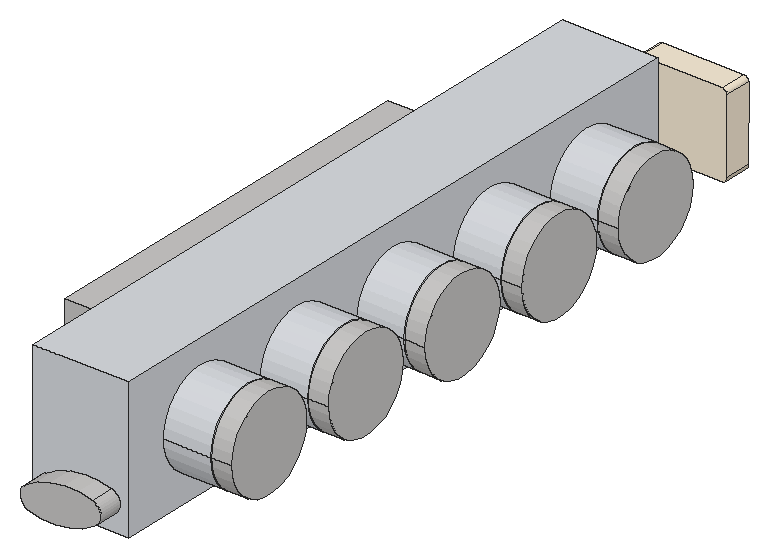
Revit family "HVAC_Ductwork_Airzone_Motorized-Plenum_Hitachi_Standard_5-Dampers", category Mechanical Equipment, Revit 2016
Family settings
  Part Type = Normal
  Round Connector Dimension = Use Diameter
  OmniClass Number = 23.75.70.14
  OmniClass Title = Air Ductwork
  Work Plane-Based = No
  Always vertical = Yes
  Cut with Voids When Loaded = No
  Shared = No
  Room Calculation Point = No
Parameters (values of type "HITST01S5")
  Voltage = 230 V
  URL = "www.airzone.es"
  Type Image Comments = "Image available in product documentation download"  # constant formula
  Revit Model Version = "1.0"  # constant formula
  Revit Model Author URL = "www.a3d.es"
  Revit Model Author = "A3D Consulting"  # constant formula
  Product Documentation Download URL = "http://doc.airzone.es/BIM/Easyzone/Hitachi-Airzone_motorized_plenum.zip"
  Product Comments = "Refer to technical documentation for further details"  # constant formula
  Power Factor = 1
  Neck Width = 871.600 mm
  Neck Length = 95.000 mm
  Neck Height = 102.600 mm
  Material = Metal - AIRZONE - Galvanized Sheet - Semi-polished
  Main Control Board Material = Plastic - AIRZONE - Smooth - Off-white
  Load Classification = Other
  Insulated Body Width = 205.000 mm  # constant formula
  Insulated Body Material = Metal -AIRZONE - Insulating Lining -Aluminum Finish
  Insulated Body Length = 1425.000 mm  # constant formula
  Insulated Body Height = 300.000 mm  # constant formula
  Flow [instance] = Damper 5 Air Flow + Damper 4 Air Flow + Damper 3 Air Flow + Damper 2 Air Flow + Damper 1 Air Flow - Fresh Air Inlet 2 Flow - Fresh Air Inlet 1 Flow  # 1500 m³/h
  Fresh Air Inlet 1 Flow [instance] = 0 m³/h
  Fresh Air Inlet 2 Flow [instance] = 0 m³/h
  Fresh Air Inlet Connection Width = 175.000 mm
  Fresh Air Inlet Connection Height = 75.000 mm
  Model = "HITST01S5"
  Neck Side Offset = 350.700 mm
  Neck Bottom Offset = 163.200 mm
  Type Image = <None>
  Manufacturer = "AIRZONE"  # constant formula
  Main Control Board Depth = 57.000 mm  # constant formula
  Main Control Board Width = 195.000 mm  # constant formula
  Main Control Board Height = 180.000 mm  # constant formula
  Fixing = ""
  Disclaimer = "All information provided in this model is reviewed before being published. However, Airzone cannot guarantee this model is error-free, therefore users are strongly encouraged to check for technical documentation and updates"  # constant formula
  Description = "Airzone standard motorized plenum with neck that mechanically adapts to the main ducted AC units of Hitachi."
  Type Comments = ""
  Dampers Length = 149.000 mm  # constant formula
  Dampers Diameter = 200.000 mm  # constant formula
  Damper 5 Air Flow [instance] = 300 m³/h
  Damper 4 Air Flow [instance] = 300 m³/h
  Damper 1 Air Flow [instance] = 300 m³/h
  Damper 2 Air Flow [instance] = 300 m³/h
  Damper 3 Air Flow [instance] = 300 m³/h
  Fresh Air Inlet Connection Offset Height = 48.305 mm  # constant formula
  Compatible Accesories = ""
  Apparent Load = 57.5 VA
Types (5, lengths in mm): name | Neck Width | Neck Height | Model | Neck Side Offset | Neck Bottom Offset
  HITST04S5 | 723.600 | 178.600 | "HITST04S5" | 350.700 | 88.200
  HITST03M5 | 808.000 | 222.400 | "HITST03M5" | 308.500 | 38.800
  HITST01L5 | 1262.200 | 179.400 | "HITST01L5" | 126.400 | 78.300
  HITST01M5 | 872.600 | 179.600 | "HITST01M5" | 349.700 | 78.200
  HITST01S5 | 871.600 | 102.600 | "HITST01S5" | 350.700 | 163.200
Reference planes
  plane 1 "Center (Front/Back)": y = 0
  plane 2 "Center (Elevation)": z = 0
  plane 3 "Center (Left/Right)": x = 0
  plane 4 "Neck Back": y = 435.8
  plane 5 "Neck Front": y = -435.8
  plane 6 "Neck Top": z = 51.3
  plane 7 "Neck Bottom": z = -51.3
  plane 8 "Left": x = 95
  plane 9 "Bottom": z = -214.5
  plane 10 "Top": z = 85.5
  plane 11 "Front": y = -638.5
  plane 12 "Back": y = 786.5
  plane 13 "Right": x = 300
  plane 14 "Dampers Front": x = 449
  plane 15 "Dampers Center (Elevation)": z = -64.5
  plane 16 "Damper3": y = 74
  plane 17 "Damper2": y = 334
  plane 18 "Damper1": y = 594
  plane 19 "Middle": y = 74
  plane 20 "FreshAir Center (Elevation)": z = -166.195
  plane 21 "FreshAir1": y = 839
  plane 22 "FreshAir2": y = -691
  plane 23 "Dampers Lining": x = 404
  plane 24 "FreshAir Vertical Axis": x = 195.83
  plane 25 "ConnectionBox Side": x = 254
  plane 26 "Main Control Board Center (Left/Right)": x = 351.5
  plane 27 "Damper4": y = -186
  plane 28 "Damper5": y = -446
Forms (mm)
  Extrusion 1, solid, material "Metal - AIRZONE - Galvanized Sheet - Semi-polished" <- "Material"
    sketch origin (0, 0, 0) x (0, 1, 0) y (0, 0, 1)
      loop
        line (-435.8, 51.3) -> (-435.8, -51.3) -> (435.8, -51.3) -> (435.8, 51.3) -> (-435.8, 51.3)
    from 0 to 95
  Extrusion 2, solid, material "Metal -AIRZONE - Insulating Lining -Aluminum Finish" <- "Insulated Body Material"
    sketch origin (95, 0, 0) x (0, 1, 0) y (0, 0, 1)
      loop
        line (-638.5, 85.5) -> (-638.5, -214.5) -> (786.5, -214.5) -> (786.5, 85.5) -> (-638.5, 85.5)
    from 0 to 205
  Extrusion 3, solid, material "Metal - AIRZONE - Galvanized Sheet - Semi-polished" <- "Material"
    sketch origin (300, 0, 0) x (0, 1, 0) y (0, 0, 1)
      loop
        circle (74, -64.5) r 100
    from 104 to 149
  Extrusion 4, solid, material "Metal - AIRZONE - Galvanized Sheet - Semi-polished" <- "Material"
    sketch origin (300, 0, 0) x (0, 1, 0) y (0, 0, 1)
      loop
        circle (334, -64.5) r 100
    from 104 to 149
  Extrusion 5, solid, material "Metal - AIRZONE - Galvanized Sheet - Semi-polished" <- "Material"
    sketch origin (300, 0, 0) x (0, 1, 0) y (0, 0, 1)
      loop
        circle (594, -64.5) r 100
    from 104 to 149
  Extrusion 6, solid, material "Metal - AIRZONE - Galvanized Sheet - Semi-polished" <- "Material"
    sketch origin (0, -638.5, 0) x (0, 0, 1) y (1, 0, 0)
      loop
        arc (-133.641, 265.204) -> (-155.108, 282.105) -> (-179.812, 270.434) r 25.96
        arc (-179.812, 270.434) -> (-205.802, 200.598) -> (-198.349, 126.456) r 164.67
        arc (-198.349, 126.456) -> (-177.165, 109.589) -> (-152.494, 120.751) r 25.96
        arc (-152.494, 120.751) -> (-126.225, 190.78) -> (-133.641, 265.204) r 164.67
    from 0 to -52.5
  Extrusion 7, solid, material "Metal - AIRZONE - Galvanized Sheet - Semi-polished" <- "Material"
    sketch origin (0, 786.5, 0) x (0, 0, 1) y (1, 0, 0)
      loop
        arc (-133.641, 265.204) -> (-154.825, 282.071) -> (-179.496, 270.909) r 25.96
        arc (-179.496, 270.909) -> (-205.679, 201.53) -> (-198.767, 127.699) r 164.67
        arc (-198.767, 127.699) -> (-177.532, 109.637) -> (-152.178, 121.226) r 25.96
        arc (-152.178, 121.226) -> (-126.188, 191.062) -> (-133.641, 265.204) r 164.67
    from 0 to 52.5
  Extrusion 8, solid, material "Metal -AIRZONE - Insulating Lining -Aluminum Finish" <- "Insulated Body Material"
    sketch origin (300, 0, 0) x (0, 1, 0) y (0, 0, 1)
      loop
        circle (594, -64.5) r 100
    from 0 to 104
  Extrusion 9, solid, material "Metal -AIRZONE - Insulating Lining -Aluminum Finish" <- "Insulated Body Material"
    sketch origin (300, -260, 0) x (0, 1, 0) y (0, 0, 1)
      loop
        circle (594, -64.5) r 100
    from 0 to 104
  Extrusion 10, solid, material "Metal -AIRZONE - Insulating Lining -Aluminum Finish" <- "Insulated Body Material"
    sketch origin (300, -520, 0) x (0, 1, 0) y (0, 0, 1)
      loop
        circle (594, -64.5) r 100
    from 0 to 104
  Extrusion 11, solid, material "Metal - AIRZONE - Galvanized Sheet - Semi-polished" <- "Material"
    sketch origin (300, -190, 0) x (0, 1, 0) y (0, 0, 1)
      loop
        circle (4, -64.5) r 100
    from 104 to 149
  Extrusion 12, solid, material "Metal -AIRZONE - Insulating Lining -Aluminum Finish" <- "Insulated Body Material"
    sketch origin (300, -710, 0) x (0, 1, 0) y (0, 0, 1)
      loop
        circle (524, -64.5) r 100
    from 0 to 104
  Extrusion 13, solid, material "Metal -AIRZONE - Insulating Lining -Aluminum Finish" <- "Insulated Body Material"
    sketch origin (300, -970, 0) x (0, 1, 0) y (0, 0, 1)
      loop
        circle (524, -64.5) r 100
    from 0 to 104
  Extrusion 14, solid, material "Metal - AIRZONE - Galvanized Sheet - Semi-polished" <- "Material"
    sketch origin (300, -450, 0) x (0, 1, 0) y (0, 0, 1)
      loop
        circle (4, -64.5) r 100
    from 104 to 149
Lines and regions (mm)
  Masking region 1
    outline origin (0, 0, 0) x (1, 0, 0) y (0, 1, 0)
      loop
        line (95, 786.5) -> (95, -638.5) -> (300, -638.5) -> (300, 786.5) -> (95, 786.5)
  Masking region 2, detail levels medium+fine
    outline origin (0, 0, 0) x (1, 0, 0) y (0, 1, 0)
      loop
        line (0, 435.8) -> (0, -435.8) -> (95, -435.8) -> (95, 435.8) -> (0, 435.8)
  Masking region 3, detail levels medium+fine
    outline origin (0, 0, 0) x (1, 0, 0) y (0, 1, 0)
      loop
        line (300, 174) -> (300, -26) -> (449, -26) -> (449, 174) -> (300, 174)
  Masking region 4, detail levels medium+fine
    outline origin (0, 260, 0) x (1, 0, 0) y (0, 1, 0)
      loop
        line (300, 174) -> (300, -26) -> (449, -26) -> (449, 174) -> (300, 174)
  Masking region 5, detail levels medium+fine
    outline origin (0, 520, 0) x (1, 0, 0) y (0, 1, 0)
      loop
        line (300, 174) -> (300, -26) -> (449, -26) -> (449, 174) -> (300, 174)
  Masking region 6, detail levels medium+fine
    outline origin (0, 0, -166.195) x (1, 0, 0) y (0, 1, 0)
      loop
        line (108.33, 839) -> (108.33, 786.5) -> (283.33, 786.5) -> (283.33, 839) -> (108.33, 839)
  Masking region 7, detail levels medium+fine
    outline origin (0, 0, -166.195) x (1, 0, 0) y (0, 1, 0)
      loop
        line (108.33, -638.5) -> (108.33, -691) -> (283.33, -691) -> (283.33, -638.5) -> (108.33, -638.5)
  Masking region 8, detail levels medium+fine
    outline origin (0, 0, 85.5) x (0, -1, 0) y (1, 0, 0)
      loop
        line (-843.5, 254) -> (-786.5, 254) -> (-786.5, 449) -> (-843.5, 449) -> (-843.5, 254)
  Masking region 9, detail levels medium+fine
    outline origin (0, -190, 0) x (1, 0, 0) y (0, 1, 0)
      loop
        line (300, 104) -> (300, -96) -> (449, -96) -> (449, 104) -> (300, 104)
  Masking region 10, detail levels medium+fine
    outline origin (0, -450, 0) x (1, 0, 0) y (0, 1, 0)
      loop
        line (300, 104) -> (300, -96) -> (449, -96) -> (449, 104) -> (300, 104)
  symbolic lines, detail levels coarse
    curve 1: line (95, -638.5, 0) -> (300, 74, 0)
    curve 2: line (300, 74, 0) -> (95, 786.5, 0)
Dimensions and locks
  equal spacing: plane 4 "Neck Back", plane 1 "Center (Front/Back)", plane 5 "Neck Front"
  "Neck Width": plane 4 "Neck Back" to plane 5 "Neck Front"
  equal spacing: plane 6 "Neck Top", level, plane 7 "Neck Bottom"
  "Neck Height": plane 6 "Neck Top" to plane 7 "Neck Bottom"
  "Neck Length": plane 3 "Center (Left/Right)" to plane 8 "Left"
  "Neck Bottom Offset": plane 7 "Neck Bottom" to plane 9 "Bottom"
  "Insulated Body Height": plane 10 "Top" to plane 9 "Bottom"
  "Insulated Body Length": plane 12 "Back" to plane 11 "Front"
  "Insulated Body Width": plane 8 "Left" to plane 13 "Right"
  "Dampers Length": plane 13 "Right" to plane 14 "Dampers Front"
  equal spacing: plane 10 "Top", plane 15 "Dampers Center (Elevation)", plane 9 "Bottom"
  equal spacing: plane 12 "Back", plane 19 "Middle", plane 11 "Front"
  plane 8 "Left" to plane 13 "Right" = 205.000 mm
  "Fresh Air Inlet Connection Offset Height": plane 20 "FreshAir Center (Elevation)" to plane 9 "Bottom"
  locked: Extrusion 6 sketch curve to plane 9 "Bottom" at 56.47
  locked: plane 13 "Right" to Extrusion 6 sketch curve at 43.69
  locked: plane 13 "Right" to Extrusion 6 sketch curve at 164.65
  locked: Extrusion 6 sketch curve to plane 9 "Bottom" at 40.54
  locked: plane 13 "Right" to Extrusion 6 sketch curve at 87.91
  locked: plane 9 "Bottom" to Extrusion 6 sketch curve at 75.01
  locked: plane 13 "Right" to Extrusion 6 sketch curve at 120.43
  locked: Extrusion 6 sketch curve to plane 9 "Bottom" at 172.02
  locked: plane 13 "Right" to Extrusion 7 sketch curve at 43.69
  locked: Extrusion 7 sketch curve to plane 9 "Bottom" at 56.47
  locked: Extrusion 7 sketch curve to plane 9 "Bottom" at 40.54
  locked: plane 13 "Right" to Extrusion 7 sketch curve at 164.65
  locked: plane 13 "Right" to Extrusion 7 sketch curve at 120.43
  locked: Extrusion 7 sketch curve to plane 9 "Bottom" at 172.02
  locked: plane 9 "Bottom" to Extrusion 7 sketch curve at 75.01
  locked: plane 13 "Right" to Extrusion 7 sketch curve at 87.91
  "Neck Side Offset": plane 12 "Back" to plane 4 "Neck Back"
  locked: plane 21 "FreshAir1" to plane 12 "Back" at 52.5
  plane 11 "Front" to plane 22 "FreshAir2" = 52.500 mm
  locked: connector elem to plane 13 "Right" at 104.17
  locked: plane 20 "FreshAir Center (Elevation)" to connector elem
  locked: plane 13 "Right" to connector elem at 104.17
  locked: connector elem to plane 20 "FreshAir Center (Elevation)"
  locked: plane 23 "Dampers Lining" to plane 14 "Dampers Front" at 45
  locked: plane 24 "FreshAir Vertical Axis" to plane 13 "Right" at 104.17
  equal spacing: Masking region 3 sketch curve, plane 16 "Damper3", Masking region 3 sketch curve
  "Dampers Diameter": Masking region 3 sketch curve to Masking region 3 sketch curve
  "Dampers Diameter": Masking region 4 sketch curve to Masking region 4 sketch curve
  equal spacing: Masking region 5 sketch curve, plane 18 "Damper1", Masking region 5 sketch curve
  "Dampers Diameter": Masking region 5 sketch curve to Masking region 5 sketch curve
  equal spacing: Masking region 6 sketch curve, plane 24 "FreshAir Vertical Axis", Masking region 6 sketch curve
  "Fresh Air Inlet Connection Width": Masking region 6 sketch curve to Masking region 6 sketch curve
  equal spacing: Masking region 7 sketch curve, plane 24 "FreshAir Vertical Axis", Masking region 7 sketch curve
  "Fresh Air Inlet Connection Width": Masking region 7 sketch curve to Masking region 7 sketch curve
  "Main Control Board Depth": Masking region 8 sketch curve to plane 12 "Back"
  "Main Control Board Width": plane 25 "ConnectionBox Side" to plane 14 "Dampers Front"
  equal spacing: plane 25 "ConnectionBox Side", plane 26 "Main Control Board Center (Left/Right)", plane 14 "Dampers Front"
  locked: nested 1 to plane 10 "Top" at 10
  equal spacing: Masking region 4 sketch curve, plane 17 "Damper2", Masking region 4 sketch curve
  equal spacing: Masking region 9 sketch curve, plane 27 "Damper4", Masking region 9 sketch curve
  "Dampers Diameter": Masking region 9 sketch curve to Masking region 9 sketch curve
  plane 18 "Damper1" to plane 17 "Damper2" to plane 16 "Damper3" to plane 27 "Damper4" to plane 28 "Damper5" = 260.000 mm locked, 260.000 mm locked, 260.000 mm locked, 260.000 mm locked
  locked: plane 19 "Middle" to plane 16 "Damper3"
  equal spacing: Masking region 10 sketch curve, plane 28 "Damper5", Masking region 10 sketch curve
  "Dampers Diameter": Masking region 10 sketch curve to Masking region 10 sketch curve
  "Dampers Diameter": diameter of Extrusion 3 sketch curve
  "Dampers Diameter": diameter of Extrusion 4 sketch curve
  "Dampers Diameter": diameter of Extrusion 5 sketch curve
  radius of Extrusion 7 sketch curve = 164.670 mm  (x2)
  radius of Extrusion 7 sketch curve = 25.960 mm  (x2)
  radius of Extrusion 6 sketch curve = 164.670 mm  (x2)
  radius of Extrusion 6 sketch curve = 25.960 mm  (x2)
  "Dampers Diameter": diameter of Extrusion 8 sketch curve
  "Dampers Diameter": diameter of Extrusion 9 sketch curve
  "Dampers Diameter": diameter of Extrusion 10 sketch curve
  "Dampers Diameter": diameter of Extrusion 11 sketch curve
  "Dampers Diameter": diameter of Extrusion 12 sketch curve
  "Dampers Diameter": diameter of Extrusion 13 sketch curve
  "Dampers Diameter": diameter of Extrusion 14 sketch curve
  aligned and locked: level to plane 2 "Center (Elevation)"
  aligned and locked: plane 5 "Neck Front" to Extrusion 1 sketch curve
  aligned and locked: Extrusion 1 sketch curve to plane 6 "Neck Top"
  aligned and locked: Extrusion 1 sketch curve to plane 4 "Neck Back"
  aligned and locked: plane 7 "Neck Bottom" to Extrusion 1 sketch curve
  aligned and locked: Extrusion 1 to plane 3 "Center (Left/Right)"
  aligned and locked: Extrusion 2 sketch curve to plane 10 "Top"
  aligned and locked: Extrusion 2 sketch curve to plane 12 "Back"
  aligned and locked: plane 9 "Bottom" to Extrusion 2 sketch curve
  aligned and locked: plane 11 "Front" to Extrusion 2 sketch curve
  aligned and locked: plane 13 "Right" to Extrusion 2
  aligned and locked: Extrusion 2 to plane 8 "Left"
  aligned and locked: plane 16 "Damper3" to Extrusion 3 sketch curve
  aligned and locked: plane 15 "Dampers Center (Elevation)" to Extrusion 3 sketch curve
  aligned and locked: plane 15 "Dampers Center (Elevation)" to Extrusion 4 sketch curve
  aligned and locked: plane 18 "Damper1" to Extrusion 5 sketch curve
  aligned and locked: plane 15 "Dampers Center (Elevation)" to Extrusion 5 sketch curve
  aligned and locked: plane 14 "Dampers Front" to Extrusion 5
  aligned and locked: plane 14 "Dampers Front" to Extrusion 4
  aligned and locked: plane 14 "Dampers Front" to Extrusion 3
  aligned and locked: plane 8 "Left" to Extrusion 1
  aligned and locked: plane 22 "FreshAir2" to Extrusion 6
  aligned and locked: plane 21 "FreshAir1" to Extrusion 7
  aligned and locked: Extrusion 7 to plane 12 "Back"
  aligned and locked: plane 11 "Front" to Extrusion 6
  aligned and locked: Extrusion 5 to plane 23 "Dampers Lining"
  aligned and locked: Extrusion 5 to Extrusion 4
  aligned and locked: Extrusion 4 to Extrusion 3
  aligned and locked: plane 23 "Dampers Lining" to Extrusion 8
  aligned and locked: Extrusion 10 to plane 13 "Right"
  aligned and locked: plane 23 "Dampers Lining" to Extrusion 10
  aligned and locked: Extrusion 9 to plane 13 "Right"
  aligned and locked: plane 23 "Dampers Lining" to Extrusion 9
  aligned and locked: Extrusion 8 to plane 13 "Right"
  aligned and locked: Extrusion 9 to Extrusion 8
  aligned and locked: plane 18 "Damper1" to Extrusion 8 sketch curve
  aligned and locked: plane 15 "Dampers Center (Elevation)" to Extrusion 8 sketch curve
  aligned and locked: plane 15 "Dampers Center (Elevation)" to Extrusion 9 sketch curve
  aligned and locked: plane 16 "Damper3" to Extrusion 10 sketch curve
  aligned and locked: plane 15 "Dampers Center (Elevation)" to Extrusion 10 sketch curve
  aligned and locked: Masking region 1 sketch curve to plane 12 "Back"
  aligned and locked: plane 8 "Left" to Masking region 1 sketch curve
  aligned and locked: Masking region 1 sketch curve to plane 13 "Right"
  aligned and locked: plane 11 "Front" to Masking region 1 sketch curve
  aligned and locked: plane 5 "Neck Front" to Masking region 2 sketch curve
  aligned and locked: plane 3 "Center (Left/Right)" to Masking region 2 sketch curve
  aligned and locked: Masking region 2 sketch curve to plane 4 "Neck Back"
  aligned and locked: Masking region 2 sketch curve to plane 8 "Left"
  aligned and locked: plane 13 "Right" to Masking region 3 sketch curve
  aligned and locked: Masking region 3 sketch curve to plane 14 "Dampers Front"
  aligned and locked: plane 13 "Right" to Masking region 4 sketch curve
  aligned and locked: Masking region 4 sketch curve to plane 14 "Dampers Front"
  aligned and locked: plane 13 "Right" to Masking region 5 sketch curve
  aligned and locked: Masking region 5 sketch curve to plane 14 "Dampers Front"
  aligned and locked: plane 12 "Back" to Masking region 6 sketch curve
  aligned and locked: Masking region 6 sketch curve to plane 21 "FreshAir1"
  aligned and locked: Masking region 7 sketch curve to plane 11 "Front"
  aligned and locked: Masking region 7 sketch curve to plane 22 "FreshAir2"
  aligned and locked: plane 12 "Back" to Masking region 8 sketch curve
  aligned and locked: Masking region 8 sketch curve to plane 14 "Dampers Front"
  aligned and locked: plane 25 "ConnectionBox Side" to Masking region 8 sketch curve
  aligned and locked: plane 17 "Damper2" to Extrusion 9 sketch curve
  aligned and locked: plane 17 "Damper2" to Extrusion 4 sketch curve
  aligned and locked: Masking region 9 sketch curve to plane 14 "Dampers Front"
  aligned and locked: plane 13 "Right" to Masking region 9 sketch curve
  aligned and locked: Extrusion 12 to plane 13 "Right"
  aligned and locked: plane 23 "Dampers Lining" to Extrusion 12
  aligned and locked: Extrusion 11 to plane 23 "Dampers Lining"
  aligned and locked: plane 14 "Dampers Front" to Extrusion 11
  aligned and locked: plane 15 "Dampers Center (Elevation)" to Extrusion 12 sketch curve
  aligned and locked: plane 27 "Damper4" to Extrusion 12 sketch curve
  aligned and locked: plane 15 "Dampers Center (Elevation)" to Extrusion 11 sketch curve
  aligned and locked: plane 27 "Damper4" to Extrusion 11 sketch curve
  aligned and locked: Masking region 10 sketch curve to plane 14 "Dampers Front"
  aligned and locked: plane 13 "Right" to Masking region 10 sketch curve
  aligned and locked: plane 28 "Damper5" to Extrusion 13 sketch curve
  aligned and locked: plane 15 "Dampers Center (Elevation)" to Extrusion 13 sketch curve
  aligned and locked: Extrusion 14 to plane 23 "Dampers Lining"
  aligned and locked: plane 14 "Dampers Front" to Extrusion 14
  aligned and locked: plane 15 "Dampers Center (Elevation)" to Extrusion 14 sketch curve
  aligned and locked: plane 28 "Damper5" to Extrusion 14 sketch curve
  aligned and locked: nested 1 to plane 26 "Main Control Board Center (Left/Right)"
Automatic sketch dimensions
  curve 2 to plane 8 "Left" = 0.000 mm
  curve 1 to plane 8 "Left" = 0.000 mm
  curve 2 to plane 13 "Right" = 0.000 mm
  curve 1 to plane 11 "Front" = 0.000 mm
  curve 2 to plane 16 "Damper3" = 0.000 mm
  curve 2 to plane 12 "Back" = 0.000 mm
Nested families
  nested 1: "Airzone_Main-Control-Board" at (351.5, 786.5, -14.5) x (-1, 0, 0) z (0, 1, 0), Extrusion <- "Main Control Board Depth", Height <- "Main Control Board Height", Width <- "Main Control Board Width", Material <- "Main Control Board Material", type "Standard"
    with Width 195.000 mm, Material Plastic - AIRZONE - Smooth - Off-white, Height 180.000 mm, Extrusion 57.000 mm
Connectors
  hvac at (449, 74, -64.5), driven by "Damper 3 Air Flow", driven by "Dampers Diameter"
    settings: on Extrusion 3, index 1, duct flow 300 m³/h, flow factor 0, pres drop 0.0 Pa, loss coef 0, conn angle 0.00°, conn width 304.8 mm, conn height 304.8 mm, conn diameter 200 mm, duct sys type 1, conn prof type 0, flow config 0, flow direction 2, loss method 0, conn ref index -1, conn util no, is conn primary no, conn desc "Supply Air Out 3"
  hvac at (449, 334, -64.5), driven by "Damper 2 Air Flow", driven by "Dampers Diameter"
    settings: on Extrusion 4, index 2, duct flow 300 m³/h, flow factor 0, pres drop 0.0 Pa, loss coef 0, conn angle 0.00°, conn width 304.8 mm, conn height 304.8 mm, conn diameter 200 mm, duct sys type 1, conn prof type 0, flow config 0, flow direction 2, loss method 0, conn ref index -1, conn util no, is conn primary no, conn desc "Supply Air Out 2"
  hvac at (449, 594, -64.5), driven by "Damper 1 Air Flow", driven by "Dampers Diameter"
    settings: on Extrusion 5, index 3, duct flow 300 m³/h, flow factor 0, pres drop 0.0 Pa, loss coef 0, conn angle 0.00°, conn width 304.8 mm, conn height 304.8 mm, conn diameter 200 mm, duct sys type 1, conn prof type 0, flow config 0, flow direction 2, loss method 0, conn ref index -1, conn util no, is conn primary no, conn desc "Supply Air Out 1"
  hvac at (0, 0, 0), driven by "Flow", driven by "Neck Height", driven by "Neck Width"
    settings: on Extrusion 1, index 6, duct flow 1500 m³/h, flow factor 0, pres drop 0.0 Pa, loss coef 0, conn angle 0.00°, conn width 871.6 mm, conn height 102.6 mm, conn diameter 609.6 mm, duct sys type 1, conn prof type 1, flow config 1, flow direction 1, loss method 0, conn ref index -1, conn util no, is conn primary yes, conn desc "Supply Air In"
  hvac at (195.83, -691, -166.195), driven by "Fresh Air Inlet 2 Flow", driven by "Fresh Air Inlet Connection Width", driven by "Fresh Air Inlet Connection Height"
    settings: index 7, duct flow 0 m³/h, flow factor 0, pres drop 0.0 Pa, loss coef 0, conn angle 0.00°, conn width 175 mm, conn height 75 mm, conn diameter 609.6 mm, duct sys type 1, conn prof type 2, flow config 1, flow direction 1, loss method 0, conn ref index -1, conn util no, is conn primary no, conn desc "Fresh Air In 2"
  hvac at (195.83, 839, -166.195), driven by "Fresh Air Inlet 1 Flow", driven by "Fresh Air Inlet Connection Height", driven by "Fresh Air Inlet Connection Width"
    settings: index 8, duct flow 0 m³/h, flow factor 0, pres drop 0.0 Pa, loss coef 0, conn angle 0.00°, conn width 175 mm, conn height 75 mm, conn diameter 609.6 mm, duct sys type 1, conn prof type 2, flow config 1, flow direction 1, loss method 0, conn ref index -1, conn util no, is conn primary no, conn desc "Fresh Air In 1"
  hvac at (449, -186, -64.5), driven by "Damper 4 Air Flow", driven by "Dampers Diameter"
    settings: on Extrusion 11, index 9, duct flow 300 m³/h, flow factor 0, pres drop 0.0 Pa, loss coef 0, conn angle 0.00°, conn width 304.8 mm, conn height 304.8 mm, conn diameter 200 mm, duct sys type 1, conn prof type 0, flow config 0, flow direction 2, loss method 0, conn ref index -1, conn util no, is conn primary no, conn desc "Supply Air Out 4"
  hvac at (449, -446, -64.5), driven by "Damper 5 Air Flow", driven by "Dampers Diameter"
    settings: on Extrusion 14, index 10, duct flow 300 m³/h, flow factor 0, pres drop 0.0 Pa, loss coef 0, conn angle 0.00°, conn width 304.8 mm, conn height 304.8 mm, conn diameter 200 mm, duct sys type 1, conn prof type 0, flow config 0, flow direction 2, loss method 0, conn ref index -1, conn util no, is conn primary no, conn desc "Supply Air Out 5"
  electrical at (351.5, 843.5, -14.5), driven by "Load Classification", driven by "Voltage", driven by "Apparent Load", driven by "Power Factor"
    settings: on nested 1, index 11, voltage 230 V, apparent load 57.5 VA, apparent load phase1 0 VA, apparent load phase2 0 VA, apparent load phase3 0 VA, power factor 1, load classification "Other", number of poles 1, system type 30, power factor state 1, is connector primary yes, connector utility no, sub classification motor no, connector description "Power Supply"
Definition of nested family "Airzone_Main-Control-Board"
  Parameters (values of type "Standard")
    Width [instance] = 195.000 mm
    URL = "www.airzone.es"
    Revit Model Version = "1.0"  # constant formula
    Revit Model Author URL = "www.a3d.es"
    Revit Model Author = "A3D Consulting"  # constant formula
    Material [instance] = none
    Manufacturer = "AIRZONE"  # constant formula
    Height [instance] = 180.000 mm
    Extrusion [instance] = 57.000 mm
    Default Elevation = 0.000 mm
  Reference planes
    plane 1 "Center (Front/Back)": y = 0
    plane 2: z = 0
    plane 3 "Center (Left/Right)": x = 0
    plane 4: y = 90
    plane 5: y = -90
    plane 6: x = 97.5
    plane 7: x = -97.5
  Forms (mm)
    Extrusion 1, solid, material <- "Material"
      sketch origin (0, 0, 0) x (1, 0, 0) y (0, 1, 0)
        loop
          arc (-87.5, 90) -> (-94.571, 87.071) -> (-97.5, 80) r 10
          line (-97.5, 80) -> (-97.5, -80)
          arc (-97.5, -80) -> (-94.571, -87.071) -> (-87.5, -90) r 10
          line (-87.5, -90) -> (87.5, -90)
          arc (87.5, -90) -> (94.571, -87.071) -> (97.5, -80) r 10
          line (97.5, -80) -> (97.5, 80)
          arc (97.5, 80) -> (94.571, 87.071) -> (87.5, 90) r 10
          line (87.5, 90) -> (-87.5, 90)
      from 0 to 57 <- "Extrusion"
  Dimensions and locks
    equal spacing: plane 7, plane 3 "Center (Left/Right)", plane 6
    equal spacing: plane 4, plane 1 "Center (Front/Back)", plane 5
    "Width": plane 7 to plane 6
    "Height": plane 4 to plane 5
    radius of Extrusion 1 sketch curve = 10.000 mm  (x4)
    aligned and locked: level to plane 2
    aligned and locked: plane 5 to Extrusion 1 sketch curve
    aligned and locked: Extrusion 1 sketch curve to plane 6
    aligned and locked: Extrusion 1 sketch curve to plane 4
    aligned and locked: plane 7 to Extrusion 1 sketch curve
